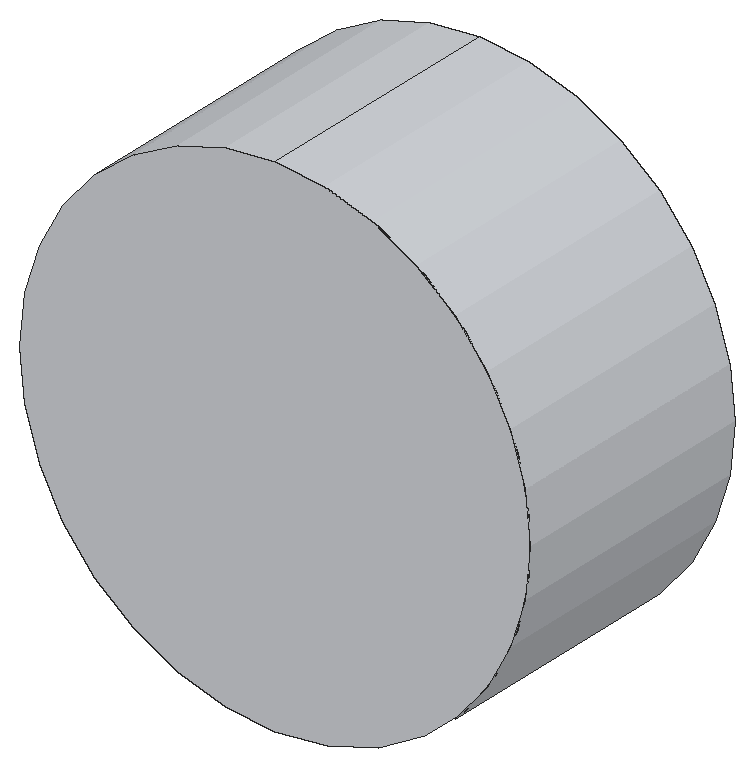
Revit family "UF-060-118_141202", category Equipement spécialisé, Revit 2021
Family settings
  Cote de connecteur circulaire = Utiliser le diamètre
  Type d'élément = Normal
  Numéro OmniClass = 23.85.50.31.11
  Titre OmniClass = Door Entry Telephones
  Basée sur le plan de construction = Non
  Toujours verticalement = Oui
  Couper avec des vides une fois chargée = Non
  Partagée = Non
  Point de calcul de pièce = Non
Parameters (values of type "CLAVIER CODE")
  URL = "https://www.urmet.fr/clavier+code+abs+serie+1412+compact+pose+en+saillie+141202-4999"
  Modèle = "141202"
  Fabricant = "URMET"
  Elévation par défaut = 0 mm
  Description = "CLAVIER CODE"
Reference planes
  plane 1 "Centre (avant/arrière)": y = 0
  plane 2: z = 0
  plane 3 "Centre (gauche/droite)": x = 0
Forms (mm)
  Extrusion 1, solid
    sketch origin (0, 0, 0) x (0, 0, 1) y (1, 0, 0)
      loop
        circle (0, 0) r 3.048
    from 0 to -3.048
Dimensions and locks
  aligned and locked: level to plane 2
Connectors
  electrical at (0, 0, 0)
    settings: on Extrusion 1, index 1, voltage 0 V, apparent load 0 VA, apparent load phase1 0 VA, apparent load phase2 0 VA, apparent load phase3 0 VA, power factor 1, load classification "Autre", number of poles 1, system type 12, power factor state 1, is connector primary yes, connector utility no, sub classification motor no, connector description ""
